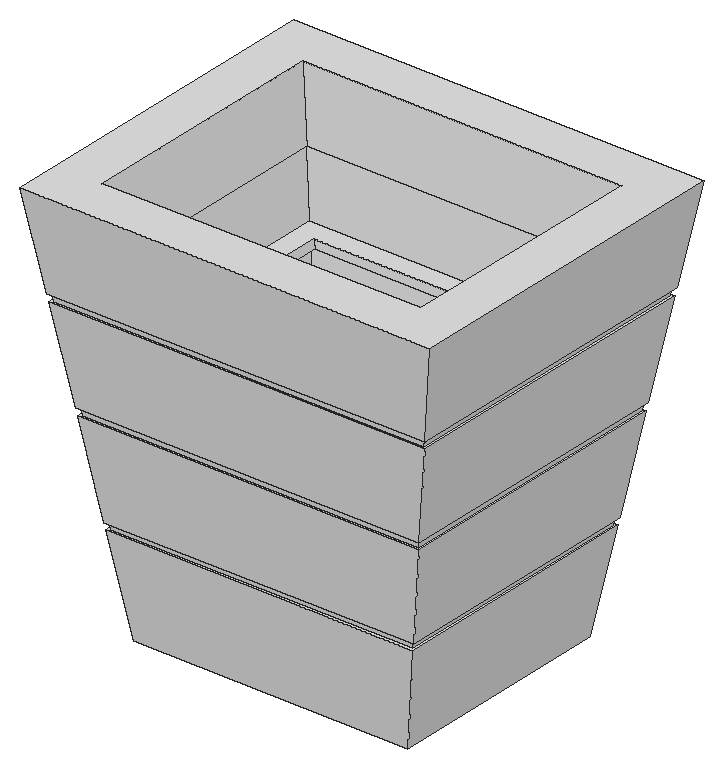
Revit family "Specialty_Equipment-Planter-Planters_Unlimited-Madera-Tapered-Square-Rectangular", category Specialty Equipment, Revit 2023 (continued)
Dimensions and locks (in)
  aligned and locked: cut or joined group 1 (Blend 2, Blend 21, Extrusion 22, Sweep 23, Extrusion 24, Sweep 25, Sweep 26, Sweep 27, Extrusion 28, Extrusion 29, Extrusion 30, Extrusion 32, Sweep 33, Sweep 34, Sweep 35, Sweep 36, Sweep 37, Sweep 38, Sweep 39, Sweep 40, Extrusion 45, Extrusion 46, Extrusion 47, Extrusion 48, Extrusion 49, Extrusion 50, Extrusion 51, Extrusion 52, Extrusion 53) to Sweep 35 sketch curve
  aligned and locked: plane 37 "Botton Stiffener Back" to Sweep 35 sketch curve
  aligned and locked: plane 38 "Bottom Stiffener Front" to Sweep 35 sketch curve
  aligned and locked: cut or joined group 1 to Sweep 39 sketch curve
  aligned and locked: plane 31 "Left Stiffener" to Sweep 39 sketch curve
  aligned and locked: plane 32 "Right Stiffener" to Sweep 39 sketch curve
  aligned and locked: cut or joined group 1 to Sweep 40 sketch curve
  aligned and locked: Sweep 40 sketch curve to plane 31 "Left Stiffener"
  aligned and locked: plane 32 "Right Stiffener" to Sweep 40 sketch curve
  aligned and locked: cut or joined group 1 to Sweep 37 sketch curve
  aligned and locked: plane 35 "Bottom Stiffener Left" to Sweep 37 sketch curve
  aligned and locked: plane 36 "Bottom Stiffner Right" to Sweep 37 sketch curve
  aligned and locked: cut or joined group 1 to Sweep 38 sketch curve
  aligned and locked: Sweep 38 sketch curve to plane 35 "Bottom Stiffener Left"
  aligned and locked: plane 36 "Bottom Stiffner Right" to Sweep 38 sketch curve
  aligned and locked: Sweep 41 sketch curve to cut or joined group 2 (Blend 2, Blend 31, Extrusion 32, Sweep 41, Sweep 42, Sweep 43, Sweep 44, Extrusion 45, Extrusion 46, Extrusion 47, Extrusion 48, Extrusion 49, Extrusion 50, Extrusion 51, Extrusion 52, Extrusion 53)
  aligned and locked: Sweep 41 sketch curve to plane 24 "Trim Depth"
  aligned and locked: Sweep 41 sketch curve to plane 15 "Top Opening Left"
  aligned and locked: Sweep 42 sketch curve to plane 24 "Trim Depth"
  aligned and locked: Sweep 42 sketch curve to cut or joined group 2
  aligned and locked: plane 16 "Top Opening Right" to Sweep 42 sketch curve
  aligned and locked: Sweep 43 sketch curve to cut or joined group 2
  aligned and locked: Sweep 43 sketch curve to plane 24 "Trim Depth"
  aligned and locked: plane 18 "Top Opening Front" to Sweep 43 sketch curve
  aligned and locked: Sweep 44 sketch curve to cut or joined group 2
  aligned and locked: Sweep 44 sketch curve to plane 24 "Trim Depth"
  aligned and locked: plane 17 "Top Opening Back" to Sweep 44 sketch curve
  aligned and locked: Extrusion 45 sketch curve to cut or joined group 2
  aligned and locked: plane 5 "Front" to Extrusion 45
  aligned and locked: plane 4 "Back" to Extrusion 45
  aligned and locked: Extrusion 46 to cut or joined group 2
  aligned and locked: plane 5 "Front" to Extrusion 46
  aligned and locked: plane 4 "Back" to Extrusion 46
  aligned and locked: Extrusion 47 sketch curve to cut or joined group 2
  aligned and locked: Extrusion 47 to plane 7 "Right"
  aligned and locked: Extrusion 47 to plane 6 "Left"
  aligned and locked: Extrusion 48 sketch curve to cut or joined group 2
  aligned and locked: Extrusion 48 to plane 6 "Left"
  aligned and locked: Extrusion 48 to plane 7 "Right"
  aligned and locked: Extrusion 49 sketch curve to cut or joined group 1  (x3)
  aligned and locked: Extrusion 49 sketch curve to plane 41 "Wood Three"
  aligned and locked: Extrusion 49 sketch curve to plane 40 "Wood Two"
  aligned and locked: Extrusion 49 sketch curve to plane 39 "Wood One"
  aligned and locked: plane 4 "Back" to Extrusion 49
  aligned and locked: plane 5 "Front" to Extrusion 49
  aligned and locked: plane 41 "Wood Three" to Extrusion 50 sketch curve
  aligned and locked: Extrusion 50 sketch curve to cut or joined group 3 (Blend 1, Blend 2, Sweep 4, Sweep 5, Sweep 6, Sweep 7, Sweep 9, Sweep 10, Sweep 11, Sweep 12, Sweep 13, Sweep 14, Extrusion 15, Sweep 16, Sweep 17, Extrusion 18, Extrusion 19, Extrusion 20, Extrusion 22, Extrusion 49, Extrusion 50, Extrusion 51, Extrusion 52, Extrusion 54)
  aligned and locked: Extrusion 50 to plane 7 "Right"
  aligned and locked: Extrusion 50 to plane 6 "Left"
  aligned and locked: plane 40 "Wood Two" to Extrusion 51 sketch curve
  aligned and locked: Extrusion 51 sketch curve to cut or joined group 1
  aligned and locked: Extrusion 51 to plane 6 "Left"
  aligned and locked: Extrusion 51 to plane 7 "Right"
  aligned and locked: Extrusion 51 sketch curve to Extrusion 51 sketch curve
  aligned and locked: plane 39 "Wood One" to Extrusion 51 sketch curve
  aligned and locked: plane 4 "Back" to Extrusion 52
  aligned and locked: plane 5 "Front" to Extrusion 52
  aligned and locked: cut or joined group 1 to Extrusion 52 sketch curve
  aligned and locked: Extrusion 52 sketch curve to Extrusion 52 sketch curve  (x2)
  aligned and locked: Extrusion 52 sketch curve to plane 40 "Wood Two"
  aligned and locked: Extrusion 52 sketch curve to plane 39 "Wood One"
  aligned and locked: Extrusion 53 sketch curve to cut or joined group 1
  aligned and locked: plane 41 "Wood Three" to Extrusion 53 sketch curve
  aligned and locked: Extrusion 53 to plane 7 "Right"
  aligned and locked: Extrusion 53 to plane 6 "Left"
  aligned and locked: plane 40 "Wood Two" to Extrusion 53 sketch curve
  aligned and locked: Extrusion 53 sketch curve to Extrusion 53 sketch curve  (x2)
  aligned and locked: plane 39 "Wood One" to Extrusion 53 sketch curve
  aligned and locked: Extrusion 53 to Extrusion 50
  aligned and locked: plane 41 "Wood Three" to Extrusion 54 sketch curve
  aligned and locked: Extrusion 54 sketch curve to cut or joined group 3
  aligned and locked: Extrusion 54 to plane 6 "Left"
  aligned and locked: Extrusion 54 to plane 7 "Right"
  aligned and locked: Extrusion 54 sketch curve to Extrusion 54 sketch curve  (x2)
  aligned and locked: plane 40 "Wood Two" to Extrusion 54 sketch curve
  aligned and locked: plane 39 "Wood One" to Extrusion 54 sketch curve
Automatic sketch dimensions
  Sweep 4 sketch curve to plane 15 "Top Opening Left" = 0"
  Sweep 4 sketch curve to plane 16 "Top Opening Right" = 0"
  Sweep 5 sketch curve to plane 15 "Top Opening Left" = 0"
  Sweep 5 sketch curve to plane 16 "Top Opening Right" = 0"
  Sweep 6 sketch curve to plane 18 "Top Opening Front" = 0"
  Sweep 6 sketch curve to plane 17 "Top Opening Back" = 0"
  plane 18 "Top Opening Front" to Sweep 7 sketch curve = 0"
  plane 17 "Top Opening Back" to Sweep 7 sketch curve = 0"
  Sweep 11 sketch curve to plane 13 "Left Bottom" = 0"
  Sweep 12 sketch curve to plane 14 "Right Bottom" = 0"
  plane 11 "Back Bottom" to Sweep 13 sketch curve = 0"
  plane 34 "Front Stiffener" to Sweep 14 sketch curve = 0"
  Sweep 23 sketch curve to plane 18 "Top Opening Front" = 0"
  Sweep 23 sketch curve to plane 17 "Top Opening Back" = 0"
  plane 18 "Top Opening Front" to Sweep 25 sketch curve = 0"
  plane 17 "Top Opening Back" to Sweep 25 sketch curve = 0"
  Sweep 26 sketch curve to plane 15 "Top Opening Left" = 0"
  Sweep 26 sketch curve to plane 16 "Top Opening Right" = 0"
  Sweep 27 sketch curve to plane 15 "Top Opening Left" = 0"
  Sweep 27 sketch curve to plane 16 "Top Opening Right" = 0"
  plane 18 "Top Opening Front" to Sweep 27 sketch curve = 0"
  Sweep 33 sketch curve to plane 13 "Left Bottom" = 0"
  Sweep 34 sketch curve to plane 14 "Right Bottom" = 0"
  Sweep 35 sketch curve to plane 13 "Left Bottom" = 0"
  Sweep 36 sketch curve to plane 14 "Right Bottom" = 0"
  plane 11 "Back Bottom" to Sweep 37 sketch curve = 0"
  plane 34 "Front Stiffener" to Sweep 38 sketch curve = 0"
  Sweep 41 sketch curve to plane 18 "Top Opening Front" = 0"
  Sweep 41 sketch curve to plane 17 "Top Opening Back" = 0"
  plane 18 "Top Opening Front" to Sweep 42 sketch curve = 0"
  plane 17 "Top Opening Back" to Sweep 42 sketch curve = 0"
  Sweep 43 sketch curve to plane 15 "Top Opening Left" = 0"
  Sweep 43 sketch curve to plane 16 "Top Opening Right" = 0"
  Sweep 44 sketch curve to plane 15 "Top Opening Left" = 0"
  Sweep 44 sketch curve to plane 16 "Top Opening Right" = 0"
  Sweep 4 sketch curve to profile plane = 0"
  Sweep 5 sketch curve to profile plane = 0"
  profile plane to Sweep 6 sketch curve = 0"
  profile plane to Sweep 7 sketch curve = 0"
  Extrusion 15 sketch curve to plane 9 "Top of Pads" = 0"
  Extrusion 15 sketch curve to plane 4 "Back" = 0"
  plane 4 "Back" to Sweep 16 sketch curve = 1.88337"
  Sweep 17 sketch curve to plane 5 "Front" = 0.18545"
  Extrusion 18 sketch curve to plane 9 "Top of Pads" = 0"
  Extrusion 18 sketch curve to plane 12 "Front Bottom" = 0"
  Extrusion 18 sketch curve to plane 5 "Front" = 0"
  Extrusion 18 sketch curve to plane 8 "Top" = 0"
  Extrusion 19 sketch curve to plane 6 "Left" = 0"
  Extrusion 19 sketch curve to plane 9 "Top of Pads" = 0"
  plane 7 "Right" to Extrusion 20 sketch curve = 0"
  Extrusion 20 sketch curve to plane 9 "Top of Pads" = 0"
  plane 14 "Right Bottom" to Extrusion 20 sketch curve = 0"
  Extrusion 20 sketch curve to plane 8 "Top" = 0"
  Extrusion 22 sketch curve to level = 0"
  plane 7 "Right" to Extrusion 22 sketch curve = 0"
  plane 14 "Right Bottom" to Extrusion 22 sketch curve = 0"
  Extrusion 22 sketch curve to plane 8 "Top" = 0"
  Extrusion 24 sketch curve to level = 0"
  Extrusion 24 sketch curve to plane 12 "Front Bottom" = 0"
  Extrusion 24 sketch curve to plane 5 "Front" = 0"
  Extrusion 24 sketch curve to plane 8 "Top" = 0"
  Extrusion 28 sketch curve to level = 0"
  Extrusion 28 sketch curve to plane 6 "Left" = 0"
  Extrusion 29 sketch curve to level = 0"
  plane 7 "Right" to Extrusion 29 sketch curve = 0"
  plane 14 "Right Bottom" to Extrusion 29 sketch curve = 0"
  Extrusion 29 sketch curve to plane 8 "Top" = 0"
  Extrusion 30 sketch curve to level = 0"
  Extrusion 30 sketch curve to plane 5 "Front" = 0"
  Extrusion 32 sketch curve to level = 0"
  Extrusion 32 sketch curve to plane 4 "Back" = 0"
  plane 4 "Back" to Sweep 39 sketch curve = 1.88337"
  Sweep 40 sketch curve to plane 5 "Front" = 0.18545"
  Extrusion 45 sketch curve to level = 0"
  Extrusion 45 sketch curve to plane 6 "Left" = 0"
  Extrusion 46 sketch curve to level = 0"
  plane 7 "Right" to Extrusion 46 sketch curve = 0"
  plane 14 "Right Bottom" to Extrusion 46 sketch curve = 0"
  Extrusion 46 sketch curve to plane 8 "Top" = 0"
  Extrusion 47 sketch curve to level = 0"
  Extrusion 47 sketch curve to plane 4 "Back" = 0"
  Extrusion 48 sketch curve to level = 0"
  Extrusion 48 sketch curve to plane 5 "Front" = 0"
  plane 41 "Wood Three" to Extrusion 52 sketch curve = 0.30783"
